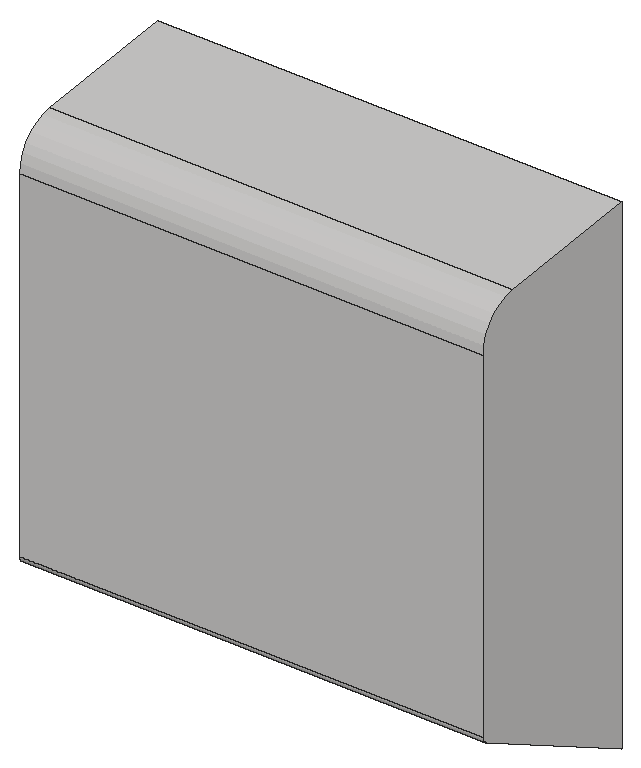
Revit family "Hand Dryer_Metlam_Slimline", category Specialty Equipment, Revit 2016
Family settings
  Part Type = Normal
  Round Connector Dimension = Use Diameter
  OmniClass Number = 23.40.20.21.14
  OmniClass Title = Hand and Hair Dryers
  Work Plane-Based = No
  Always vertical = Yes
  Cut with Voids When Loaded = No
  Shared = No
  Room Calculation Point = Yes
Parameters (values of type "268w x 100d x 283h (ML_100N_SS)")
  Voltage = 240 V
  URL = "http://www.metlam.com.au/"
  Type Comments = "Hand Dryers"  # constant formula
  Model = "ML_100N_SS"
  Material_ANZRS = z_Metlam_Metal_Stainless Steel_Satin
  Manufacturer_URL__Product Specific = "https://www.metlam.com.au/product/content/hand-dryers/ML_100N_SS"
  Manufacturer_Spec Code = Model  # "ML_100N_SS"
  Manufacturer_Overall Width = 268 mm  # constant formula
  Manufacturer_Overall Height = 283 mm  # constant formula
  Manufacturer_Overall Depth = 100 mm  # constant formula
  Manufacturer_Height From FFL [instance] = 1100 mm
  Manufacturer = "Metlam"  # constant formula
  Description = "Slimline Auto Hand Dryer"
  CreatedBy_ANZRS = "IGS BIM Solutions"  # constant formula
  CreatedByURL_ANZRS = "http://www.igsgroup.com.au/"
  Assembly Code = ""
Reference planes
  plane 1 "Back": y = 0
  plane 2 "Ref. Level": z = 0
  plane 3 "Center (Left/Right)": x = 0
  plane 4 "Right": x = 134
  plane 5 "Left": x = -134
  plane 6 "Bottom": z = 1100
  plane 7 "Top": z = 1383
  plane 8 "Front": y = -100
Forms (mm)
  Extrusion 1, void
    sketch origin (-0.016, 0, 1100) x (0, 0.905456, -0.424439) y (1, 0, 0)
      loop
        circle (-18, -99) r 8
      loop
        circle (-18, 99.031) r 8
    from -2 to 2
  Extrusion 2, void
    sketch origin (-0.016, 0, 1100) x (0, 0.905456, -0.424439) y (1, 0, 0)
      loop
        line (-31.11, 75.588) -> (-90.651, 75.588)
        arc (-90.651, 75.588) -> (-92.151, 74.088) -> (-90.651, 72.588) r 1.5
        line (-90.651, 72.588) -> (-31.11, 72.588)
        arc (-31.11, 72.588) -> (-29.61, 74.088) -> (-31.11, 75.588) r 1.5
      loop
        line (-55.151, -18.984) -> (-89.151, -18.984)
        arc (-89.151, -18.984) -> (-91.272, -19.863) -> (-92.151, -21.984) r 3
        line (-92.151, -21.984) -> (-92.151, -85.984)
        arc (-92.151, -85.984) -> (-91.272, -88.106) -> (-89.151, -88.984) r 3
        line (-89.151, -88.984) -> (-55.151, -88.984)
        arc (-55.151, -88.984) -> (-53.029, -88.106) -> (-52.151, -85.984) r 3
        line (-52.151, -85.984) -> (-52.151, -21.984)
        arc (-52.151, -21.984) -> (-53.029, -19.863) -> (-55.151, -18.984) r 3
      loop
        line (-31.11, 67.588) -> (-90.651, 67.588)
        arc (-90.651, 67.588) -> (-92.151, 66.088) -> (-90.651, 64.588) r 1.5
        line (-90.651, 64.588) -> (-31.11, 64.588)
        arc (-31.11, 64.588) -> (-29.61, 66.088) -> (-31.11, 67.588) r 1.5
      loop
        line (-31.11, 59.588) -> (-90.651, 59.588)
        arc (-90.651, 59.588) -> (-92.151, 58.088) -> (-90.651, 56.588) r 1.5
        line (-90.651, 56.588) -> (-31.11, 56.588)
        arc (-31.11, 56.588) -> (-29.61, 58.088) -> (-31.11, 59.588) r 1.5
      loop
        line (-31.11, 51.588) -> (-90.651, 51.588)
        arc (-90.651, 51.588) -> (-92.151, 50.088) -> (-90.651, 48.588) r 1.5
        line (-90.651, 48.588) -> (-31.11, 48.588)
        arc (-31.11, 48.588) -> (-29.61, 50.088) -> (-31.11, 51.588) r 1.5
      loop
        line (-31.11, 43.588) -> (-90.651, 43.588)
        arc (-90.651, 43.588) -> (-92.151, 42.088) -> (-90.651, 40.588) r 1.5
        line (-90.651, 40.588) -> (-31.11, 40.588)
        arc (-31.11, 40.588) -> (-29.61, 42.088) -> (-31.11, 43.588) r 1.5
      loop
        line (-31.11, 35.588) -> (-90.651, 35.588)
        arc (-90.651, 35.588) -> (-92.151, 34.088) -> (-90.651, 32.588) r 1.5
        line (-90.651, 32.588) -> (-31.11, 32.588)
        arc (-31.11, 32.588) -> (-29.61, 34.088) -> (-31.11, 35.588) r 1.5
      loop
        line (-31.11, 27.588) -> (-90.651, 27.588)
        arc (-90.651, 27.588) -> (-92.151, 26.088) -> (-90.651, 24.588) r 1.5
        line (-90.651, 24.588) -> (-31.11, 24.588)
        arc (-31.11, 24.588) -> (-29.61, 26.088) -> (-31.11, 27.588) r 1.5
      loop
        line (-31.11, 11.588) -> (-90.651, 11.588)
        arc (-90.651, 11.588) -> (-92.151, 10.088) -> (-90.651, 8.588) r 1.5
        line (-90.651, 8.588) -> (-31.11, 8.588)
        arc (-31.11, 8.588) -> (-29.61, 10.088) -> (-31.11, 11.588) r 1.5
      loop
        line (-31.11, 19.588) -> (-90.651, 19.588)
        arc (-90.651, 19.588) -> (-92.151, 18.088) -> (-90.651, 16.588) r 1.5
        line (-90.651, 16.588) -> (-31.11, 16.588)
        arc (-31.11, 16.588) -> (-29.61, 18.088) -> (-31.11, 19.588) r 1.5
    from 2 to -2
  Extrusion 3, solid, material "z_Metlam_Metal_Stainless Steel_Satin" <- "Material_ANZRS"
    sketch origin (0, 0, 0) x (0, 1, 0) y (0, 0, 1)
      loop
        line (0, 1383) -> (-78.479, 1371.97)
        arc (-78.479, 1371.97) -> (-93.868, 1363.615) -> (-100, 1347.214) r 25
        line (-100, 1347.214) -> (-100, 1149.101)
        arc (-100, 1149.101) -> (-99.454, 1147.223) -> (-97.986, 1145.931) r 3.5
        line (-97.986, 1145.931) -> (0, 1100) -> (0, 1383)
    from -134 to 134
  Extrusion 4, void
    sketch origin (0, -1.75, 1100) x (-1, 0, 0) y (0, -1, 0)
      loop
        line (-129, 0.25) -> (-121.5, 0.25) -> (-121.5, 6.25)
        arc (-121.5, 6.25) -> (-125.25, 10) -> (-129, 6.25) r 3.75
        line (-129, 6.25) -> (-129, 0.25)
    from 0 to 9.317
Cuts and joins
  Extrusion 1, Extrusion 2, Extrusion 4 cuts Extrusion 3
Lines and regions (mm)
  Masking region 1
    outline origin (0, 0, 1383) x (-1, 0, 0) y (0, -1, 0)
      loop
        line (134, 0) -> (134, 100) -> (-134, 100) -> (-134, 0) -> (134, 0)
  reference lines
    curve 1: line (0, 0, 1100) -> (0, -93.332, 1143.75)
  model lines, style "InvisibleLines"
    curve 2: line (0, 0, 1383) -> (0, 0, 0)
Text (mm)
  text "> Contact Manufacturer to confirm feasibility of design variations outside the scope of this Revit Family\n\n\n\nDisclaimer:\n\nDue to ongoing product development and manufacturing evolution, product details are subject to change without notice. Please refer to product technical data sheets on the manufacturer’s website for the most current product information. Please allow a +/- 5mm manufacturing tolerance for dimensions and set-outs shown in product literature." at (797.065, 191.853, 0), in view "Ref. Level_Instruction"
Dimensions and locks
  "Manufacturer_Height From FFL": plane 6 "Bottom" to plane 2 "Ref. Level"
  "Manufacturer_Overall Height": plane 7 "Top" to plane 6 "Bottom"
  "Manufacturer_Overall Width": plane 5 "Left" to plane 4 "Right"
  "Manufacturer_Overall Depth": plane 8 "Front" to plane 1 "Back"
  equal spacing: plane 5 "Left", plane 3 "Center (Left/Right)", plane 4 "Right"
  aligned and locked: level to plane 2 "Ref. Level"
  aligned and locked: plane 6 "Bottom" to curve 1
  aligned and locked: plane 1 "Back" to curve 1
  aligned and locked: Extrusion 3 to plane 5 "Left"
  aligned and locked: Extrusion 3 to plane 4 "Right"
  aligned and locked: Extrusion 3 to plane 7 "Top"
  aligned and locked: plane 6 "Bottom" to Extrusion 3
Automatic sketch dimensions
  plane 6 "Bottom" to curve 1 = 43.75 mm
  Masking region 1 sketch curve to plane 4 "Right" = 0 mm
  Masking region 1 sketch curve to plane 5 "Left" = 0 mm
  plane 1 "Back" to Masking region 1 sketch curve = 0 mm
  plane 8 "Front" to Masking region 1 sketch curve = 0 mm
  Extrusion 3 sketch curve to plane 8 "Front" = 0 mm
  Extrusion 3 sketch curve to plane 1 "Back" = 0 mm
  Extrusion 3 sketch curve to plane 6 "Bottom" = 0 mm
  Extrusion 3 sketch curve to plane 7 "Top" = 0 mm
  Extrusion 3 sketch curve to plane 8 "Front" = 2.014 mm
  Extrusion 3 sketch curve to plane 7 "Top" = 11.03 mm
  Extrusion 3 sketch curve to plane 8 "Front" = 21.521 mm
  Extrusion 3 sketch curve to plane 8 "Front" = 25 mm
  curve 1 to plane 8 "Front" = 6.668 mm
  Extrusion 1 sketch curve to curve 1 = 18 mm  (x2)
  Extrusion 1 sketch curve to curve 1 = 99.016 mm
  curve 1 to Extrusion 1 sketch curve = 99.016 mm
  curve 1 to Extrusion 2 sketch curve = 10.927 mm
  curve 1 to Extrusion 2 sketch curve = 12.427 mm  (x2)
  Extrusion 2 sketch curve to Extrusion 2 sketch curve = 0 mm  (x15)
  Extrusion 2 sketch curve to Extrusion 2 sketch curve = 3 mm  (x3)
  Extrusion 2 sketch curve to Extrusion 2 sketch curve = 34 mm  (x2)
  Extrusion 2 sketch curve to curve 1 = 31.11 mm
  curve 1 to Extrusion 2 sketch curve = 8.573 mm
  Extrusion 2 sketch curve to curve 1 = 19 mm
  Extrusion 2 sketch curve to curve 1 = 86 mm
  Extrusion 2 sketch curve to Extrusion 2 sketch curve = 1.5 mm  (x9)
  Extrusion 2 sketch curve to Extrusion 2 sketch curve = 5 mm  (x8)
  Extrusion 3 sketch curve to plane 8 "Front" = 3.5 mm
  plane 6 "Bottom" to Extrusion 3 sketch curve = 45.931 mm
  plane 1 "Back" to Extrusion 4 sketch curve = 2 mm
  plane 4 "Right" to Extrusion 4 sketch curve = 5 mm
  Extrusion 4 sketch curve to Extrusion 4 sketch curve = 3.75 mm
  plane 1 "Back" to Extrusion 4 sketch curve = 8 mm
  curve 2 to level = 0 mm
  plane 3 "Center (Left/Right)" to curve 2 = 0 mm
  curve 2 to plane 7 "Top" = 0 mm
  radius of Extrusion 1 sketch curve = 8 mm  (x2)
Connectors
  electrical at (125.25, -5, 1102.344), driven by "Voltage"
    settings: on cut or joined group of Extrusion 1, Extrusion 2, Extrusion 3, Extrusion 4, index 1, voltage 240 V, apparent load 0 VA, apparent load phase1 0 VA, apparent load phase2 0 VA, apparent load phase3 0 VA, power factor 1, load classification "Power", number of poles 1, system type 30, power factor state 1, is connector primary yes, connector utility no, sub classification motor no, connector description "Power"
